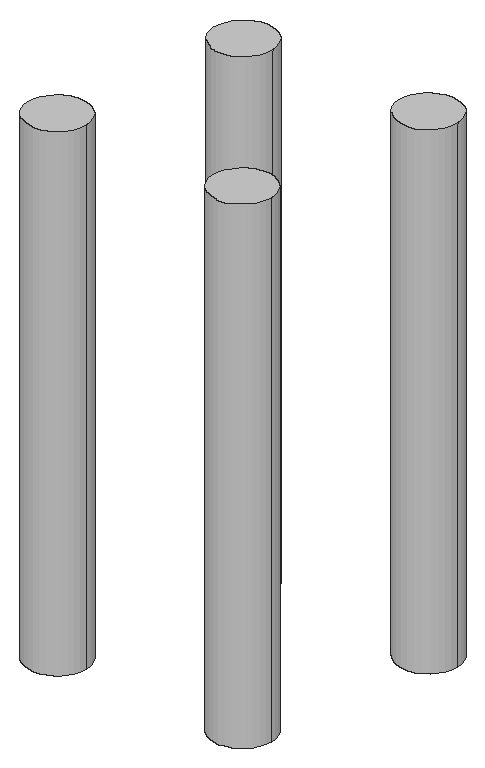
Revit family "Rectangular Pile Sheet Foundation ", category Structural Columns, Revit 2021
Family settings
  Display in Hidden Views = Edges Hidden by Other Members
  Section Shape = Not Defined
  Material for Model Behavior = Concrete
  Always export as geometry = No
  Beam cutback in plan = From geometry
  OmniClass Number = 23.25.30.11.14.11
  OmniClass Title = Columns
  Cut with Voids When Loaded = No
  Symbolic Representation = From Family
  Shared = No
  Show family pre-cut in plan views = Yes
Parameters (values of type "300mm")
  b = 300 mm
  W = 943.371 mm
  Structural Material [instance] = Concrete, Cast-in-Place gray
  Offset = 200 mm
  Center to center = 950 mm
Types (5, lengths in mm): name | b | Offset
  (no name) | 300 | 262.958
  300mm | 300 | 200
  450mm | 450 | 262.958
  600mm | 600 | 262.958
  750mm | 750 | 262.958
Reference planes
  plane 1 "Center (Front/Back)": y = 0
  plane 2: z = 0
  plane 3 "Center (Left/Right)": x = 0
  plane 4: x = -150
  plane 5: x = 150
  plane 6: y = 150
  plane 7: y = -150
  plane 8: x = 1100
  plane 9: x = 950
  plane 10: x = 800
  plane 11: x = 50
  plane 12: x = 200
  plane 13: x = 350
  plane 14: y = 793.371
  plane 15: y = 943.371
  plane 16: y = 1093.371
  plane 17: x = 1000
  plane 18: x = 1150
  plane 19: x = 1300
Forms (mm)
  Extrusion 1, solid, material "Concrete, Cast-in-Place gray" <- "Structural Material"
    sketch origin (0, 0, 0) x (1, 0, 0) y (0, 1, 0)
      loop
        circle (0, 0) r 150
    from 0 to 2500
  Extrusion 2, solid, material "Concrete, Cast-in-Place gray" <- "Structural Material"
    sketch origin (0, 0, 0) x (1, 0, 0) y (0, 1, 0)
      loop
        circle (950, 0) r 150
    from 0 to 2500
  Extrusion 3, solid, material "Concrete, Cast-in-Place gray" <- "Structural Material"
    sketch origin (0, 0, 0) x (1, 0, 0) y (0, 1, 0)
      loop
        circle (200, 943.371) r 150
    from 0 to 2500
  Extrusion 4, solid, material "Concrete, Cast-in-Place gray" <- "Structural Material"
    sketch origin (0, 0, 0) x (1, 0, 0) y (0, 1, 0)
      loop
        circle (1150, 943.371) r 150
    from 0 to 2500
Dimensions and locks
  equal spacing: plane 4, plane 3 "Center (Left/Right)", plane 5
  equal spacing: plane 7, plane 1 "Center (Front/Back)", plane 6
  "b": plane 7 to plane 6
  "b": plane 4 to plane 5
  equal spacing: plane 10, plane 9, plane 8
  "b": plane 10 to plane 8
  "b": plane 11 to plane 13
  equal spacing: plane 11, plane 12, plane 13
  equal spacing: plane 14, plane 15, plane 16
  "b": plane 14 to plane 16
  equal spacing: plane 17, plane 18, plane 19
  "b": plane 17 to plane 19
  "Offset": plane 4 to plane 11
  "Center to center": plane 12 to plane 18
  "W": plane 15 to plane 1 "Center (Front/Back)"
  "Center to center": plane 3 "Center (Left/Right)" to plane 9
  aligned and locked: level to Extrusion 1
  aligned and locked: level to plane 2
  aligned and locked: Extrusion 1 to plane 2
  aligned and locked: level to Extrusion 3
  aligned and locked: level to Extrusion 2
  aligned and locked: level to Extrusion 4
Automatic sketch dimensions
  Extrusion 1 sketch curve to plane 1 "Center (Front/Back)" = 0 mm
  Extrusion 1 sketch curve to plane 4 = 0 mm
  Extrusion 1 sketch curve to plane 3 "Center (Left/Right)" = 0 mm
  plane 1 "Center (Front/Back)" to Extrusion 2 sketch curve = 0 mm  (x3)
  Extrusion 2 sketch curve to plane 10 = 0 mm
  Extrusion 2 sketch curve to plane 9 = 0 mm
  Extrusion 2 sketch curve to Extrusion 2 sketch curve = 0 mm
  Extrusion 3 sketch curve to plane 11 = 0 mm
  Extrusion 3 sketch curve to plane 12 = 0 mm
  Extrusion 3 sketch curve to plane 15 = 0 mm  (x3)
  Extrusion 3 sketch curve to Extrusion 3 sketch curve = 0 mm
  Extrusion 4 sketch curve to plane 15 = 0 mm  (x3)
  Extrusion 4 sketch curve to plane 17 = 0 mm
  Extrusion 4 sketch curve to plane 18 = 0 mm
  Extrusion 4 sketch curve to Extrusion 4 sketch curve = 0 mm
